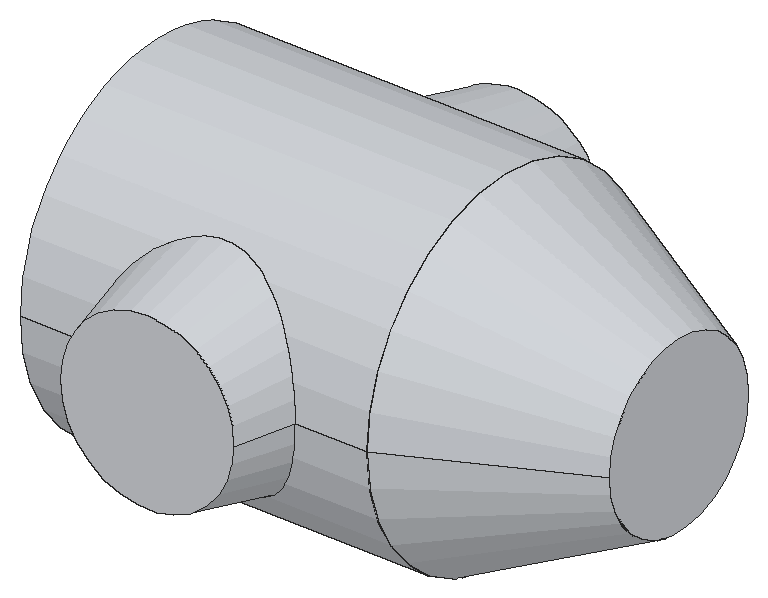
Revit family "a932f70be86e44feaf8db7bad1a70790", category Duct Fittings, Revit 2021
Family settings
  Round Connector Dimension = Use Radius
  Part Type = Cross
  OmniClass Number = 23.75.70.14
  OmniClass Title = Air Ductwork
  Seek Item ID = Round Cross with Transition - Conical-0000-USA-ENU
  Work Plane-Based = No
  Always vertical = Yes
  Cut with Voids When Loaded = No
  Shared = No
Parameters (values of type "Standard")
  Duct Radius 4 [instance] = 6"
  Duct Radius 3 [instance] = 6"
  Duct Radius 2 [instance] = 6"
  Duct Radius 1 [instance] = 12"
  Duct Length 1 [instance] = Cone Base Radius * 2 + 0' 4"  # 24"
  Duct Diameter 4 [instance] = Duct Radius 4 * 2  # 12"
  Duct Diameter 3 [instance] = Duct Radius 3 * 2  # 12"
  Duct Diameter 2 [instance] = Duct Radius 2 * 2  # 12"
  Duct Diameter 1 [instance] = Duct Radius 1 * 2  # 24"
  Length 1 [instance] = Duct Radius 1 + Duct Length 2  # 24"
  Default Elevation = 0' - 0"
  Cone Base Radius [instance] = if(Duct Radius 4 > Duct Radius 3, Duct Radius 4 + Length 2 * 2, Duct Radius 3 + Length 2 * 2)  # 10"
  Length 3 [instance] = Length 1 * (-1)  # -24"
  Duct Length 2 [instance] = if(2 * abs(Duct Radius 1 - Duct Radius 2) > 1' 0", 1' 0", if(2 * abs(Duct Radius 1 - Duct Radius 2) < 0' 1", 0' 1", if(2 * abs(Duct Radius 1 - Duct Radius 2) < 0' 1", 0' 1", 2 * abs(Duct Radius 1 - Duct Radius 2))))  # 12"
  Length 2 [instance] = 2"
Reference planes (in)
  plane 1 "Center (Front/Back)": y = 0
  plane 2: z = 0
  plane 3 "Center (Left/Right)": x = 0
  plane 4: x = -12
  plane 5: x = 12
  plane 6: y = 12
  plane 7: y = -12
  plane 8: x = 24
  plane 9: y = 16
  plane 10: y = -16
Forms (in)
  Sweep 1, solid, detail levels medium+fine
    path in 3D
      loop
        line (-12, 0, 0) -> (12, 0, 0)
    profile origin (0, 0, 0) x (0, 1, 0) y (0, 0, 1)
      loop
        circle (0, 0) r 12
  Blend 2, solid, detail levels medium+fine
    base sketch origin (0, 0, 0) x (1, 0, 0) y (0, 0, 1)
      loop
        circle (0, 0) r 10
    top sketch origin (0, 0, 0) x (1, 0, 0) y (0, 0, 1)
      loop
        circle (0, 0) r 6
    from 0 to -16
  Blend 3, solid, detail levels medium+fine
    base sketch origin (0, 0, 0) x (1, 0, 0) y (0, 0, 1)
      loop
        circle (0, 0) r 10
    top sketch origin (0, 0, 0) x (1, 0, 0) y (0, 0, 1)
      loop
        circle (0, 0) r 6
    from 0 to 16
  Blend 4, solid, detail levels medium+fine
    base sketch origin (12, 60, 48) x (0, 1, 0) y (0, 0, 1)
      loop
        circle (-60, -48) r 12
    top sketch origin (12, 60, 48) x (0, 1, 0) y (0, 0, 1)
      loop
        circle (-60, -48) r 6
    from 0 to 12
  Extrusion 5, solid, detail levels medium+fine
    sketch origin (-87.59022, 16, 48) x (-1, 0, 0) y (0, 0, 1)
      loop
        circle (-87.59022, -48) r 0.25
    from 0 to -32
  Extrusion 6, solid, detail levels medium+fine
    sketch origin (-12, 56.05919, 48) x (0, 1, 0) y (0, 0, 1)
      loop
        circle (-56.05919, -48) r 0.25
    from 24 to 36
Cuts and joins
  joined: Sweep 1, Blend 2, Blend 3, Extrusion 5
  joined: Blend 4, Extrusion 6
Lines and regions (in)
  model lines, detail levels coarse
    curve 1: line (-12, 0, 0) -> (12, 0, 0)
    curve 3: line (12, 0, 0) -> (24, 0, 0)
    curve 4: line (0, 16, 0) -> (0, -16, 0)
  sketch lines
    curve 2: line (-12, 0, 0) -> (12, 0, 0)
Dimensions and locks (in)
  "Duct Radius 1": plane 1 "Center (Front/Back)" to plane 6
  "Duct Radius 1": plane 7 to plane 1 "Center (Front/Back)"
  equal spacing: plane 4, plane 3 "Center (Left/Right)", plane 5
  "Duct Length 1": plane 4 to plane 5
  "Duct Length 2": plane 5 to plane 8
  plane 9 to plane 6 = 0' - 4"
  plane 7 to plane 10 = 0' - 4"
  "Duct Radius 1": radius of Sweep 1 sketch curve
  "Cone Base Radius": radius of Blend 2 sketch curve
  "Duct Radius 4": radius of Blend 2 sketch curve
  "Cone Base Radius": radius of Blend 3 sketch curve
  "Duct Radius 3": radius of Blend 3 sketch curve
  "Duct Radius 1": radius of Blend 4 sketch curve
  "Duct Radius 2": radius of Blend 4 sketch curve
  aligned and locked: plane 9 to Blend 2
  aligned and locked: plane 1 "Center (Front/Back)" to Blend 2
  aligned and locked: Blend 2 to plane 9
  aligned and locked: Blend 3 to plane 10
  aligned and locked: Blend 3 to plane 1 "Center (Front/Back)"
  aligned and locked: Blend 4 to plane 8
  aligned and locked: Blend 4 to plane 5
  aligned and locked: curve 4 to plane 3 "Center (Left/Right)"
  aligned and locked: plane 9 to curve 4
  aligned and locked: plane 1 "Center (Front/Back)" to curve 3
  aligned and locked: plane 8 to curve 3
  aligned and locked: plane 5 to curve 3
  aligned and locked: Extrusion 5 to plane 10
  aligned and locked: plane 9 to Extrusion 5
  aligned and locked: Extrusion 5 to curve 4
  aligned and locked: Extrusion 6 to plane 8
  aligned and locked: Extrusion 6 to plane 5
Automatic sketch dimensions
  Sweep 1 sketch curve to profile plane = 0' - 0"  (x2)
  Blend 2 sketch curve to level = 0' - 0"  (x2)
  Blend 2 sketch curve to plane 3 "Center (Left/Right)" = 0' - 0"  (x2)
  Blend 3 sketch curve to level = 0' - 0"  (x2)
  Blend 3 sketch curve to plane 3 "Center (Left/Right)" = 0' - 0"  (x2)
  Blend 4 sketch curve to level = 0' - 0"  (x2)
  Blend 4 sketch curve to plane 1 "Center (Front/Back)" = 0' - 0"  (x2)
  curve 1 to plane 4 = 0' - 0"
  Extrusion 6 sketch curve to level = 0' - 0"
  Extrusion 6 sketch curve to plane 1 "Center (Front/Back)" = 0' - 0"
  Extrusion 5 sketch curve to level = 0' - 0"
  Extrusion 5 sketch curve to plane 3 "Center (Left/Right)" = 0' - 0"
  radius of Extrusion 6 sketch curve = 0' - 0 1/4"
  radius of Extrusion 5 sketch curve = 0' - 0 1/4"
Connectors (in)
  hvac at (-12, 0, 0), driven by "Duct Radius 1"
    settings: on cut or joined group of Sweep 1, Blend 2, Blend 3, Extrusion 5, index 1, duct flow 0 CFM, flow factor 0, pres drop 0.00 in-wg, loss coef 0, conn angle 0.00°, conn width 12", conn height 12", conn diameter 24", duct sys type 28, conn prof type 0, flow config 0, flow direction 0, loss method 0, conn ref index 2, conn util no, is conn primary yes, conn desc ""
  hvac at (24, 0, 0), driven by "Duct Radius 2"
    settings: on cut or joined group of Blend 4, Extrusion 6, index 2, duct flow 0 CFM, flow factor 0, pres drop 0.00 in-wg, loss coef 0, conn angle 0.00°, conn width 12", conn height 12", conn diameter 12", duct sys type 28, conn prof type 0, flow config 0, flow direction 0, loss method 0, conn ref index 1, conn util no, is conn primary no, conn desc ""
  hvac at (0, -16, 0), driven by "Duct Radius 3"
    settings: on cut or joined group of Sweep 1, Blend 2, Blend 3, Extrusion 5, index 3, duct flow 0 CFM, flow factor 0, pres drop 0.00 in-wg, loss coef 0, conn angle 0.00°, conn width 12", conn height 12", conn diameter 12", duct sys type 28, conn prof type 0, flow config 0, flow direction 0, loss method 0, conn ref index 4, conn util no, is conn primary no, conn desc ""
  hvac at (0, 16, 0), driven by "Duct Radius 4"
    settings: on cut or joined group of Sweep 1, Blend 2, Blend 3, Extrusion 5, index 4, duct flow 0 CFM, flow factor 0, pres drop 0.00 in-wg, loss coef 0, conn angle 0.00°, conn width 12", conn height 12", conn diameter 12", duct sys type 28, conn prof type 0, flow config 0, flow direction 0, loss method 0, conn ref index 3, conn util no, is conn primary no, conn desc ""
